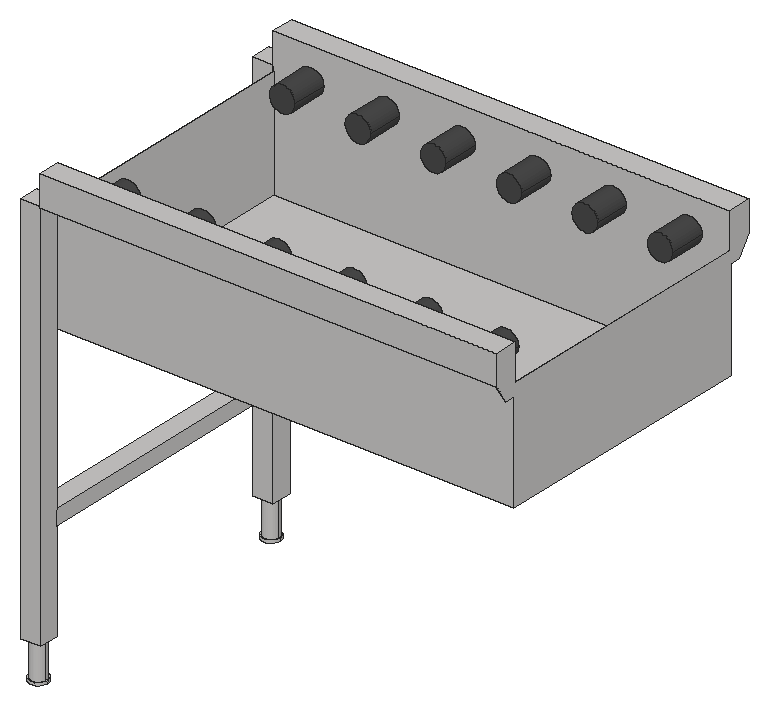
Revit family "QF_ELECTROLUXPROFESSIONAL_863065_HSSRDB9", category Specialty Equipment, Revit 2018
Family settings
  Round Connector Dimension = Use Diameter
  Part Type = Normal
  Work Plane-Based = No
  Always vertical = Yes
  Cut with Voids When Loaded = No
  Shared = No
  Room Calculation Point = No
Parameters
  Weight = 0.00 kg
  Watts = 0 W
  Volts = 0 V
  URL Manufacturer = "http://professional.electrolux.com/"
  URL = "http://professional.electrolux.com/"
  Steam Supply Size = 0 mm
  Steam Supply Minimum Pressure = 0.0 Pa
  Steam Supply Maximum Pressure = 0.0 Pa
  Steam Pounds per Hour = 0
  Refrigeration Suction Line Size = 0 mm
  Refrigeration Liquid Line Size = 0 mm
  Refrigerant Compressor Remote = yes
  Manufacturer = "Electrolux"
  Phase = 0
  Model = "HSSRDB9"
  Length Actual = 900 mm  # constant formula
  Item Number = "863065"
  Hot Water Size = 0 mm
  Height Actual = 910 mm  # constant formula
  HP = "0 HP"
  Gas Size = 0 mm
  Gas KW = 0
  Gas Input Pressure = 0 W
  Description = "SHORT ROLLER CONVEYOR WITH DEEP BASIN,  L=900 MM"
  Depth Actual = 620 mm  # constant formula
  Cycle = 0 Hz
  Condensate Return Size = 0 mm
  Compressed Air Volume = 0.0 L/s
  Compressed Air Size = 0 mm
  Compressed Air Pressure = 0.0 Pa
  Cold Water Size = 0 mm
  Accessory = yes
Reference planes
  plane 1 "Centro (Fronte/Retro)": y = 74.737
  plane 2: z = 0
  plane 3 "LEFT": x = -1038.761
  plane 4 "BACK": y = 384.737
  plane 5 "FRONT": y = -235.263
  plane 6: z = 910
  plane 7 "RIGHT": x = -138.761
  plane 8: x = -588.761
Forms (mm)
  Extrusion 1, solid, material "QF_Finishes_Stainless Steel"
    sketch origin (0, 74.737, 0) x (1, 0, 0) y (0, 0, 1)
      loop
        line (-1079.929, 300) -> (-1079.929, 270) -> (-1039.929, 270) -> (-1039.929, 300) -> (-1079.929, 300)
    from -266.504 to 266.46
  Extrusion 2, solid, material "QF_Finishes_Stainless Steel"
    sketch origin (11.239, 0, 0) x (0, 1, 0) y (0, 0, 1)
      loop
        line (-235.263, 910) -> (-235.263, 850.033) -> (-190.242, 850.033) -> (-190.242, 910) -> (-235.263, 910)
      loop
        line (384.737, 910) -> (339.716, 910) -> (339.716, 850.033) -> (384.737, 850.033) -> (384.737, 910)
    from -1048.8 to -151.2
  Extrusion 3, solid, material "QF_Finishes_Stainless Steel"
    sketch origin (11.239, 0, 0) x (0, 1, 0) y (0, 0, 1)
      loop
        line (-191.727, 850.033) -> (-191.727, 618.033) -> (341.245, 618.033) -> (341.245, 850.033) -> (339.716, 850.033) -> (339.716, 621.033) -> (-190.242, 621.033) -> (-190.242, 850.033) -> (-191.727, 850.033)
    from -1048.8 to -151.2
  Extrusion 4, solid, material "QF_Finishes_Stainless Steel"
    sketch origin (1161.239, 723.253, 4000) x (0, 1, 0) y (0, 0, 1)
      loop
        line (-958.516, -3090) -> (-958.516, -3149.967) -> (-934.752, -3185.632) -> (-914.981, -3185.632) -> (-914.981, -3381.967) -> (-382.009, -3381.967) -> (-382.009, -3185.632) -> (-362.281, -3185.632) -> (-338.516, -3149.967) -> (-338.516, -3090) -> (-383.538, -3090) -> (-383.538, -3161.926) -> (-913.495, -3161.926) -> (-913.495, -3090) -> (-958.516, -3090)
    from -1300 to -1301.2
  Revolve 5, solid, material "QF_Finishes_Stainless Steel"
    sketch origin (-588.761, 0, 0) x (0, 1, 0) y (0, 0, 1)
      loop
        line (74.737, 618.033) -> (-1.756, 618.033) -> (-1.756, 601.823) -> (0.354, 601.823)
        arc (0.354, 601.823) -> (3.64, 597.973) -> (0.351, 594.125) r 3.897
        line (0.351, 594.125) -> (-1.756, 594.125) -> (-1.756, 551.31)
        arc (-1.756, 551.31) -> (8.91, 520.632) -> (36.296, 503.17) r 49.497
        line (36.296, 503.17) -> (36.296, 500.684) -> (37.487, 497.398) -> (51.25, 491.407) -> (51.25, 455.535) -> (52.727, 454.059) -> (74.737, 454.059) -> (74.737, 618.033)
      axis (74.737, 454.059) -> (74.737, 618.033)
    angle from 0 to 360
  Extrusion 6, solid, material "QF_Finishes_Stainless Steel"
    sketch origin (-537.561, 723.253, 4000) x (0, 1, 0) y (0, 0, 1)
      loop
        line (-958.516, -3090) -> (-958.516, -3149.967) -> (-914.981, -3149.967) -> (-914.981, -3381.967) -> (-382.009, -3381.967) -> (-382.009, -3149.967) -> (-338.516, -3149.967) -> (-338.516, -3090) -> (-383.538, -3090) -> (-383.538, -3161.926) -> (-913.495, -3161.926) -> (-913.495, -3090) -> (-958.516, -3090)
    from -500 to -501.2
  Extrusion 7, solid, material "QF_Finishes_Black"
    sketch origin (0, 74.737, 0) x (1, 0, 0) y (0, 0, 1)
      loop
        circle (-961.28, 850.115) r 25
      loop
        circle (-812.273, 850.115) r 25
      loop
        circle (-514.257, 850.115) r 25
      loop
        circle (-365.25, 850.115) r 25
      loop
        circle (-216.242, 850.115) r 25
      loop
        circle (-663.265, 850.115) r 25
    from 190.58 to 260.534
  Extrusion 8, solid, material "QF_Finishes_Black"
    sketch origin (0, 74.737, 0) x (1, 0, 0) y (0, 0, -1)
      loop
        circle (-961.28, -850.115) r 25
      loop
        circle (-812.273, -850.115) r 25
      loop
        circle (-514.257, -850.115) r 25
      loop
        circle (-365.25, -850.115) r 25
      loop
        circle (-216.242, -850.115) r 25
      loop
        circle (-663.265, -850.115) r 25
    from 190.58 to 260.534
Cuts and joins
  joined: Extrusion 2, Extrusion 3, Extrusion 4, Revolve 5, Extrusion 6
Lines and regions (mm)
  Split face 1
    outline origin (458.239, 339.716, 621.033) x (-1, 0, 0) y (0, -1, 0)
      loop
        circle (1047, 264.904) r 3.016
  Split face 2
    outline origin (458.239, 339.716, 621.033) x (-1, 0, 0) y (0, -1, 0)
      loop
        circle (1047, 264.904) r 52.991
  Split face 3
    outline origin (458.239, 339.716, 621.033) x (-1, 0, 0) y (0, -1, 0)
      loop
        circle (1047, 264.904) r 36.015
  Split face 4
    outline origin (458.239, 339.716, 621.033) x (-1, 0, 0) y (0, -1, 0)
      loop
        circle (1047, 264.904) r 26.027
  Split face 5
    outline origin (458.239, 339.716, 621.033) x (-1, 0, 0) y (0, -1, 0)
      loop
        circle (1047, 264.904) r 9.056
  Masking region 1
    outline origin (0, 0, 0) x (1, 0, 0) y (0, 1, 0)
      loop
        line (-1038.761, 384.737) -> (-1038.761, -235.263) -> (-138.761, -235.263) -> (-138.761, 384.737) -> (-1038.761, 384.737)
  symbolic lines
    curve 1: line (-138.761, 384.737, 0) -> (-1038.761, 384.737, 0)
    curve 2: line (-1038.761, 384.737, 0) -> (-1038.761, -235.263, 0)
    curve 3: line (-1038.761, 339.716, 0) -> (-138.761, 339.716, 0)
    curve 4: line (-1038.761, -235.263, 0) -> (-138.761, -235.263, 0)
    curve 5: line (-138.761, -235.263, 0) -> (-138.761, 384.737, 0)
    curve 6: line (-138.761, -190.242, 0) -> (-1038.761, -190.242, 0)
    curve 7: line (-936.28, -185.797, 0) -> (-986.28, -185.797, 0)
    curve 8: line (-986.28, -185.797, 0) -> (-986.28, -115.842, 0)
    curve 9: line (-986.28, -115.842, 0) -> (-936.28, -115.842, 0)
    curve 10: line (-936.28, -115.842, 0) -> (-936.28, -185.797, 0)
    curve 11: line (-787.273, -185.797, 0) -> (-837.273, -185.797, 0)
    curve 12: line (-837.273, -185.797, 0) -> (-837.273, -115.842, 0)
    curve 13: line (-837.273, -115.842, 0) -> (-787.273, -115.842, 0)
    curve 14: line (-787.273, -115.842, 0) -> (-787.273, -185.797, 0)
    curve 15: line (-638.265, -185.797, 0) -> (-688.265, -185.797, 0)
    curve 16: line (-688.265, -185.797, 0) -> (-688.265, -115.842, 0)
    curve 17: line (-688.265, -115.842, 0) -> (-638.265, -115.842, 0)
    curve 18: line (-638.265, -115.842, 0) -> (-638.265, -185.797, 0)
    curve 19: line (-489.257, -185.797, 0) -> (-539.257, -185.797, 0)
    curve 20: line (-539.257, -185.797, 0) -> (-539.257, -115.842, 0)
    curve 21: line (-539.257, -115.842, 0) -> (-489.257, -115.842, 0)
    curve 22: line (-489.257, -115.842, 0) -> (-489.257, -185.797, 0)
    curve 23: line (-191.242, -185.797, 0) -> (-241.242, -185.797, 0)
    curve 24: line (-241.242, -185.797, 0) -> (-241.242, -115.842, 0)
    curve 25: line (-241.242, -115.842, 0) -> (-191.242, -115.842, 0)
    curve 26: line (-191.242, -115.842, 0) -> (-191.242, -185.797, 0)
    curve 27: line (-138.761, 74.737, 0) -> (-168.761, 74.737, 0)
    curve 28: line (-1038.761, 74.737, 0) -> (-1008.761, 74.737, 0)
    curve 29: arc (-588.761, 151.231, 0) -> (-512.267, 74.737, 0) -> (-588.761, -1.756, 0) r 76.494
    curve 30: arc (-588.761, -1.756, 0) -> (-665.254, 74.737, 0) -> (-588.761, 151.231, 0) r 76.494
    curve 31: arc (-588.761, 96.747, 0) -> (-610.771, 74.737, 0) -> (-588.761, 52.727, 0) r 22.01
    curve 32: arc (-588.761, 52.727, 0) -> (-566.751, 74.737, 0) -> (-588.761, 96.747, 0) r 22.01
    curve 33: line (-340.25, -185.797, 0) -> (-390.25, -185.797, 0)
    curve 34: line (-390.25, -185.797, 0) -> (-390.25, -115.842, 0)
    curve 35: line (-390.25, -115.842, 0) -> (-340.25, -115.842, 0)
    curve 36: line (-340.25, -115.842, 0) -> (-340.25, -185.797, 0)
    curve 37: line (-936.28, 335.271, 0) -> (-986.28, 335.271, 0)
    curve 38: line (-986.28, 335.271, 0) -> (-986.28, 265.317, 0)
    curve 39: line (-986.28, 265.317, 0) -> (-936.28, 265.317, 0)
    curve 40: line (-936.28, 265.317, 0) -> (-936.28, 335.271, 0)
    curve 41: line (-787.273, 335.271, 0) -> (-837.273, 335.271, 0)
    curve 42: line (-837.273, 335.271, 0) -> (-837.273, 265.317, 0)
    curve 43: line (-837.273, 265.317, 0) -> (-787.273, 265.317, 0)
    curve 44: line (-787.273, 265.317, 0) -> (-787.273, 335.271, 0)
    curve 45: line (-638.265, 335.271, 0) -> (-688.265, 335.271, 0)
    curve 46: line (-688.265, 335.271, 0) -> (-688.265, 265.317, 0)
    curve 47: line (-688.265, 265.317, 0) -> (-638.265, 265.317, 0)
    curve 48: line (-638.265, 265.317, 0) -> (-638.265, 335.271, 0)
    curve 49: line (-489.257, 335.271, 0) -> (-539.257, 335.271, 0)
    curve 50: line (-539.257, 335.271, 0) -> (-539.257, 265.317, 0)
    curve 51: line (-539.257, 265.317, 0) -> (-489.257, 265.317, 0)
    curve 52: line (-489.257, 265.317, 0) -> (-489.257, 335.271, 0)
    curve 53: line (-191.242, 335.271, 0) -> (-241.242, 335.271, 0)
    curve 54: line (-241.242, 335.271, 0) -> (-241.242, 265.317, 0)
    curve 55: line (-241.242, 265.317, 0) -> (-191.242, 265.317, 0)
    curve 56: line (-191.242, 265.317, 0) -> (-191.242, 335.271, 0)
    curve 57: line (-340.25, 335.271, 0) -> (-390.25, 335.271, 0)
    curve 58: line (-390.25, 335.271, 0) -> (-390.25, 265.317, 0)
    curve 59: line (-390.25, 265.317, 0) -> (-340.25, 265.317, 0)
    curve 60: line (-340.25, 265.317, 0) -> (-340.25, 335.271, 0)
Dimensions and locks
  plane 3 "LEFT" to plane 7 "RIGHT" = 900 mm
  equal spacing: plane 4 "BACK", plane 1 "Centro (Fronte/Retro)", plane 5 "FRONT"
  plane 4 "BACK" to plane 5 "FRONT" = 620 mm
  equal spacing: plane 3 "LEFT", plane 8, plane 7 "RIGHT"
  locked: Extrusion 7 sketch curve to plane 3 "LEFT" at 77.481
  locked: plane 7 "RIGHT" to Extrusion 7 sketch curve at 77.481
  equal spacing: Extrusion 7 sketch curve, Extrusion 7 sketch curve, Extrusion 7 sketch curve, Extrusion 7 sketch curve, Extrusion 7 sketch curve, Extrusion 7 sketch curve
  equal spacing: Extrusion 8 sketch curve, Extrusion 8 sketch curve, Extrusion 8 sketch curve, Extrusion 8 sketch curve, Extrusion 8 sketch curve, Extrusion 8 sketch curve
  aligned and locked: level to plane 2
  aligned and locked: plane 8 to cut or joined group of Extrusion 2, Extrusion 3, Extrusion 4, Revolve 5, Extrusion 6
Automatic sketch dimensions
  curve 29 to curve 30 = 0 mm  (x2)
  curve 29 to curve 31 = 0 mm  (x2)
  curve 29 to curve 32 = 0 mm  (x2)
  curve 30 to curve 31 = 0 mm  (x2)
  curve 30 to curve 32 = 0 mm  (x2)
  curve 31 to curve 32 = 0 mm  (x2)
  curve 1 to plane 3 "LEFT" = 0 mm
  plane 1 "Centro (Fronte/Retro)" to curve 28 = 0 mm
  curve 29 to plane 8 = 0 mm
  plane 1 "Centro (Fronte/Retro)" to curve 27 = 0 mm
  curve 6 to plane 7 "RIGHT" = 0 mm
  curve 4 to plane 5 "FRONT" = 0 mm
  plane 1 "Centro (Fronte/Retro)" to curve 30 = 0 mm
  curve 2 to plane 4 "BACK" = 0 mm
  plane 3 "LEFT" to curve 38 = 52.481 mm
  plane 3 "LEFT" to curve 9 = 52.481 mm
  curve 8 to curve 9 = 50 mm
  curve 38 to curve 39 = 50 mm
  curve 9 to curve 12 = 99.008 mm
  curve 41 to plane 4 "BACK" = 49.466 mm
  curve 37 to curve 41 = 99.008 mm
  curve 42 to curve 43 = 50 mm
  curve 12 to curve 13 = 50 mm
  plane 5 "FRONT" to curve 15 = 49.466 mm
  curve 11 to curve 15 = 99.008 mm
  curve 46 to plane 4 "BACK" = 49.466 mm
  curve 41 to curve 46 = 99.008 mm
  plane 8 to curve 45 = 49.504 mm
  plane 8 to curve 18 = 49.504 mm
  curve 50 to plane 8 = 49.504 mm
  curve 19 to plane 8 = 49.504 mm
  curve 49 to curve 49 = 50 mm
  curve 20 to curve 22 = 50 mm
  curve 21 to curve 35 = 99.008 mm
  curve 57 to plane 4 "BACK" = 49.466 mm
  curve 49 to curve 57 = 99.008 mm
  curve 34 to curve 36 = 50 mm
  curve 57 to curve 60 = 50 mm
  curve 59 to curve 55 = 99.008 mm
  plane 5 "FRONT" to curve 23 = 49.466 mm
  curve 33 to curve 23 = 99.008 mm
  curve 24 to curve 25 = 50 mm
  curve 53 to curve 53 = 50 mm
  plane 5 "FRONT" to curve 34 = 49.466 mm
  plane 5 "FRONT" to curve 7 = 49.466 mm
  plane 5 "FRONT" to curve 22 = 49.466 mm
  plane 5 "FRONT" to curve 11 = 49.466 mm
  curve 11 to curve 14 = 69.954 mm
  curve 15 to curve 16 = 69.954 mm
  curve 7 to curve 10 = 69.954 mm
  curve 19 to curve 20 = 69.954 mm
  curve 33 to curve 34 = 69.954 mm
  curve 23 to curve 24 = 69.954 mm
  curve 56 to plane 4 "BACK" = 119.42 mm
  curve 58 to curve 57 = 69.954 mm
  curve 52 to curve 58 = 0 mm
  curve 38 to plane 4 "BACK" = 119.42 mm
  curve 48 to curve 45 = 69.954 mm
  curve 42 to curve 41 = 69.954 mm
  curve 49 to plane 4 "BACK" = 49.466 mm
  curve 40 to plane 4 "BACK" = 49.466 mm
  curve 53 to plane 4 "BACK" = 49.466 mm
  plane 3 "LEFT" to curve 28 = 30 mm
  curve 27 to curve 27 = 30 mm
  plane 5 "FRONT" to curve 6 = 45.021 mm
  plane 1 "Centro (Fronte/Retro)" to curve 30 = 76.494 mm
  plane 1 "Centro (Fronte/Retro)" to curve 32 = 22.01 mm
  curve 3 to curve 1 = 45.021 mm
  Extrusion 1 sketch curve to plane 3 "LEFT" = 41.168 mm
  Extrusion 1 sketch curve to plane 3 "LEFT" = 1.168 mm
  level to Extrusion 1 sketch curve = 270 mm
  Extrusion 1 sketch curve to Extrusion 1 sketch curve = 30 mm
  Extrusion 2 sketch curve to plane 5 "FRONT" = 0 mm
  Extrusion 2 sketch curve to plane 6 = 0 mm  (x2)
  Extrusion 2 sketch curve to plane 4 "BACK" = 0 mm
  plane 5 "FRONT" to Extrusion 2 sketch curve = 45.021 mm
  Extrusion 2 sketch curve to plane 4 "BACK" = 45.021 mm
  Extrusion 2 sketch curve to Extrusion 2 sketch curve = 59.967 mm  (x2)
  plane 5 "FRONT" to Extrusion 3 sketch curve = 43.536 mm
  Extrusion 3 sketch curve to Extrusion 3 sketch curve = 1.486 mm
  Extrusion 3 sketch curve to plane 4 "BACK" = 45.021 mm
  Extrusion 3 sketch curve to Extrusion 3 sketch curve = 1.529 mm
  Extrusion 3 sketch curve to plane 6 = 291.967 mm
  Extrusion 3 sketch curve to Extrusion 3 sketch curve = 3 mm
  Extrusion 3 sketch curve to plane 6 = 59.967 mm  (x2)
  Extrusion 4 sketch curve to plane 5 "FRONT" = 0 mm
  Extrusion 4 sketch curve to plane 6 = 0 mm  (x2)
  Extrusion 4 sketch curve to plane 4 "BACK" = 0 mm
  plane 5 "FRONT" to Extrusion 4 sketch curve = 23.764 mm
  plane 5 "FRONT" to Extrusion 4 sketch curve = 43.536 mm
  plane 5 "FRONT" to Extrusion 4 sketch curve = 45.021 mm
  Extrusion 4 sketch curve to plane 4 "BACK" = 45.021 mm
  Extrusion 4 sketch curve to plane 4 "BACK" = 43.492 mm
  Extrusion 4 sketch curve to Extrusion 4 sketch curve = 19.728 mm
  Extrusion 4 sketch curve to Extrusion 4 sketch curve = 59.967 mm  (x2)
  Extrusion 4 sketch curve to Extrusion 4 sketch curve = 11.959 mm
  Extrusion 4 sketch curve to Extrusion 4 sketch curve = 23.706 mm  (x2)
  Extrusion 4 sketch curve to Extrusion 4 sketch curve = 196.335 mm
  Revolve 5 sketch curve to plane 1 "Centro (Fronte/Retro)" = 0 mm  (x2)
  plane 1 "Centro (Fronte/Retro)" to Revolve 5 sketch curve = 22.01 mm
  plane 1 "Centro (Fronte/Retro)" to Revolve 5 sketch curve = 23.487 mm
  plane 1 "Centro (Fronte/Retro)" to Revolve 5 sketch curve = 26.996 mm
  Revolve 5 sketch curve to Revolve 5 sketch curve = 13.764 mm
  Revolve 5 sketch curve to Revolve 5 sketch curve = 1.191 mm
  Revolve 5 sketch curve to Revolve 5 sketch curve = 47.387 mm
  Revolve 5 sketch curve to Revolve 5 sketch curve = 0.003 mm
  Revolve 5 sketch curve to Revolve 5 sketch curve = 0.61 mm
  Revolve 5 sketch curve to Revolve 5 sketch curve = 2.107 mm
  Revolve 5 sketch curve to Revolve 5 sketch curve = 2.11 mm
  level to Revolve 5 sketch curve = 454.059 mm
  Revolve 5 sketch curve to Revolve 5 sketch curve = 1.476 mm
  Revolve 5 sketch curve to Revolve 5 sketch curve = 35.872 mm
  Revolve 5 sketch curve to Revolve 5 sketch curve = 5.991 mm
  Revolve 5 sketch curve to Revolve 5 sketch curve = 3.286 mm
  Revolve 5 sketch curve to Revolve 5 sketch curve = 2.486 mm
  Revolve 5 sketch curve to Revolve 5 sketch curve = 48.139 mm
  Revolve 5 sketch curve to Revolve 5 sketch curve = 42.815 mm
  Revolve 5 sketch curve to Revolve 5 sketch curve = 3.849 mm
  Revolve 5 sketch curve to Revolve 5 sketch curve = 66.706 mm
  Revolve 5 sketch curve to Revolve 5 sketch curve = 3 mm
  Revolve 5 sketch curve to Revolve 5 sketch curve = 14.991 mm
  cut or joined group of Extrusion 2, Extrusion 3, Extrusion 4, Revolve 5, Extrusion 6 to Split face 1 sketch curve = 448.8 mm
  cut or joined group of Extrusion 2, Extrusion 3, Extrusion 4, Revolve 5, Extrusion 6 to Split face 1 sketch curve = 264.904 mm
  cut or joined group of Extrusion 2, Extrusion 3, Extrusion 4, Revolve 5, Extrusion 6 to Split face 2 sketch curve = 448.8 mm
  cut or joined group of Extrusion 2, Extrusion 3, Extrusion 4, Revolve 5, Extrusion 6 to Split face 2 sketch curve = 264.904 mm
  cut or joined group of Extrusion 2, Extrusion 3, Extrusion 4, Revolve 5, Extrusion 6 to Split face 3 sketch curve = 448.8 mm
  cut or joined group of Extrusion 2, Extrusion 3, Extrusion 4, Revolve 5, Extrusion 6 to Split face 3 sketch curve = 264.904 mm
  cut or joined group of Extrusion 2, Extrusion 3, Extrusion 4, Revolve 5, Extrusion 6 to Split face 4 sketch curve = 448.8 mm
  cut or joined group of Extrusion 2, Extrusion 3, Extrusion 4, Revolve 5, Extrusion 6 to Split face 4 sketch curve = 264.904 mm
  cut or joined group of Extrusion 2, Extrusion 3, Extrusion 4, Revolve 5, Extrusion 6 to Split face 5 sketch curve = 448.8 mm
  cut or joined group of Extrusion 2, Extrusion 3, Extrusion 4, Revolve 5, Extrusion 6 to Split face 5 sketch curve = 264.904 mm
  Masking region 1 sketch curve to plane 3 "LEFT" = 0 mm
  Masking region 1 sketch curve to plane 5 "FRONT" = 0 mm
  Masking region 1 sketch curve to plane 7 "RIGHT" = 0 mm
  Masking region 1 sketch curve to plane 4 "BACK" = 0 mm
  Extrusion 6 sketch curve to plane 5 "FRONT" = 0 mm
  Extrusion 6 sketch curve to plane 6 = 0 mm  (x2)
  Extrusion 6 sketch curve to plane 4 "BACK" = 0 mm
  plane 5 "FRONT" to Extrusion 6 sketch curve = 43.536 mm
  plane 5 "FRONT" to Extrusion 6 sketch curve = 45.021 mm
  Extrusion 6 sketch curve to plane 4 "BACK" = 45.021 mm
  Extrusion 6 sketch curve to plane 4 "BACK" = 43.492 mm
  Extrusion 6 sketch curve to Extrusion 6 sketch curve = 59.967 mm  (x2)
  Extrusion 6 sketch curve to Extrusion 6 sketch curve = 11.959 mm
  Extrusion 6 sketch curve to Extrusion 6 sketch curve = 220.041 mm
  Extrusion 7 sketch curve to plane 6 = 59.885 mm  (x6)
  plane 3 "LEFT" to Extrusion 8 sketch curve = 77.481 mm
  Extrusion 8 sketch curve to plane 6 = 59.885 mm  (x6)
  Extrusion 8 sketch curve to Extrusion 8 sketch curve = 149.008 mm
  radius of Split face 1 sketch curve = 3.016 mm
  radius of Split face 2 sketch curve = 52.991 mm
  radius of Split face 3 sketch curve = 36.015 mm
  radius of Split face 4 sketch curve = 26.027 mm
  radius of Split face 5 sketch curve = 9.056 mm
  radius of Extrusion 7 sketch curve = 25 mm  (x6)
  radius of Extrusion 8 sketch curve = 25 mm  (x6)
Nested families
  nested 1: "Foot_40x40" at (-1059.929, 361.245, 0), type "Foot_40x40"
    with A 850.033 mm
  nested 2: "Foot_40x40" at (-1059.929, -211.771, 0), type "Foot_40x40"
    with A 850.033 mm
Connectors
  piping at (-588.761, 74.737, 454.059), diameter 30
    settings: on cut or joined group of Extrusion 2, Extrusion 3, Extrusion 4, Revolve 5, Extrusion 6, index 1, connector inside diameter 609.6 mm, connector length 0 mm, flow factor 0, pipe flow 0.0 L/s, pressure drop 0.0 Pa, fitting loss kfactor 0, connector angle 0.00°, fixture units 0, engagement length 0 mm, angle of deflection 0.00°, flow configuration 1, flow direction 2, fitting loss method 0, system type 16, joint type 0, gender type 0, connector reference index -1, connector utility 0, adjustable connector no, is connector primary yes, connector description "Drain"
Definition of nested family "Foot_40x40"
  Parameters
    A [instance] = 850 mm
  Reference planes
    plane 1 "Centro (Fronte/Retro)": y = 0
    plane 2: z = 0
    plane 3 "Centro (Sinistra/Destra)": x = 0
    plane 4: z = 850
  Forms (mm)
    Extrusion 1, solid
      sketch origin (0, 0, 0) x (1, 0, 0) y (0, 1, 0)
        loop
          circle (0, 0) r 18
      from 0 to 5
    Extrusion 2, solid
      sketch origin (0, 0, 5) x (1, 0, 0) y (0, 1, 0)
        loop
          circle (0, 0) r 15
      from 0 to 70
    Extrusion 3, solid
      sketch origin (0, 0, 75) x (1, 0, 0) y (0, 1, 0)
        loop
          line (-20, 20) -> (-20, -20) -> (20, -20) -> (20, 20) -> (-20, 20)
      from 0 to 775
  Dimensions and locks
    "A": plane 4 to plane 2
    aligned and locked: level to plane 2
    aligned and locked: plane 4 to Extrusion 3
    aligned and locked: Extrusion 1 to level
  Automatic sketch dimensions
    plane 1 "Centro (Fronte/Retro)" to Extrusion 1 sketch curve = 0 mm
    Extrusion 1 sketch curve to plane 3 "Centro (Sinistra/Destra)" = 0 mm
    Extrusion 3 sketch curve to Extrusion 3 sketch curve = 40 mm  (x2)
    radius of Extrusion 1 sketch curve = 18 mm
    radius of Extrusion 2 sketch curve to Extrusion 1 = 3 mm
